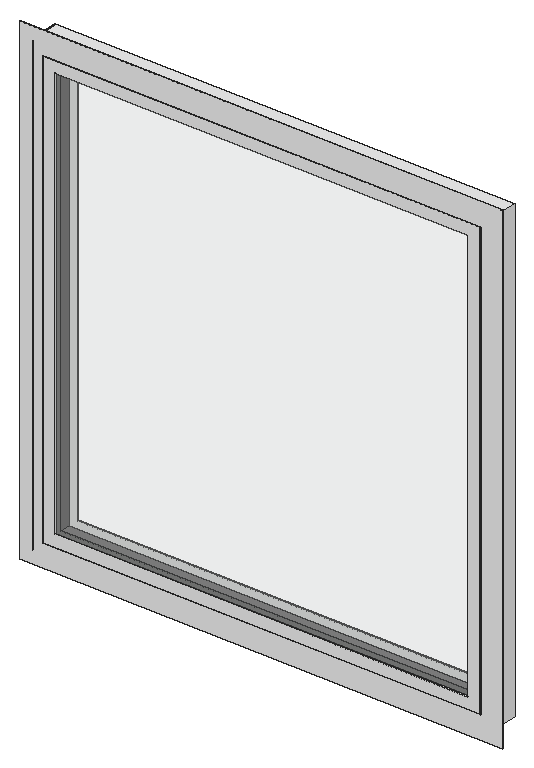
Revit family "Casement_36_C_Side_Hung_Standard", category Windows, host Wall, Revit 2014
Parameters (values of type "Casement_Sash_DG")
  Width Sash [instance] = 30 mm
  Width Sash Inner = 15 mm
  Width Bead = 15 mm
  Top Hung [instance] = yes
  Side Hung Right [instance] = yes
  Side Hung Left [instance] = yes
  Sash Opening Width [instance] = 600 mm
  Sash Opening Height [instance] = 600.312 mm
  Sash Lip = 15 mm
  Glazing Material [instance] = Glass
  DG Start Piece 2 [instance] = DG End Piece 1 + DG Gasket Thickness  # 25 mm
  DG Start Peice 1 [instance] = (Depth Sash - (2 * DG Glazing Thickness) - DG Gasket Thickness) / 2  # 6.6 mm
  Glazing Offset = 5 mm
  DG Glazing Thickness [instance] = 6.4 mm
  DG Gasket Thickness = 12 mm  # constant formula
  DG Gasket Material [instance] = Double Glazing Gasket Material
  DG End Piece 2 [instance] = DG Start Piece 2 + DG Glazing Thickness  # 31.4 mm
  DG End Piece 1 [instance] = DG Start Peice 1 + DG Glazing Thickness  # 13 mm
  Depth Sash [instance] = 38 mm
  Center Vertical Sash [instance] = Sash Opening Height / 2  # 300.156 mm
  Center Horizontal Sash [instance] = Sash Opening Width / 2  # 300 mm
  Bottom Hung [instance] = yes
  Bead Offset = 15 mm
  Aluminium Thickness = 1 mm
  Aluminium Material [instance] = White Powder Coated Aluminium
Reference planes
  plane 1 "Center (Front/Back)": y = 0
  plane 2: z = 0
  plane 3 "Center (Left/Right)": x = 0
Forms (mm)
  Sweep 1, solid, material "White Powder Coated Aluminium" <- "Aluminium Material"
    path origin (16.177, 0, 121.331) x (1, 0, 0) y (0, 0, 1)
      loop
        line (0, 0) -> (600, 0) -> (600, 600.312) -> (0, 600.312) -> (0, 0)
    profile origin (316.177, 0, 121.331) x (0, 0, 1) y (0, -1, 0)
      loop
        line (0, 0) -> (30, 0) -> (30, 1) -> (15, 1) -> (15, 38) -> (-15, 38) -> (-15, 37) -> (0, 37) -> (0, 0)
      loop
        line (14, 1) -> (14, 37) -> (1, 37) -> (1, 1) -> (14, 1)
  Sweep 2, solid, material "White Powder Coated Aluminium" <- "Aluminium Material"
    path origin (0, 0, 0) x (1, 0, 0) y (0, 0, 1)
      loop
        line (31.177, 706.643) -> (31.177, 136.331) -> (601.177, 136.331) -> (601.177, 706.643) -> (31.177, 706.643)
    profile origin (316.177, 0, 706.643) x (0, 0, 1) y (0, -1, 0)
      loop
        line (0, 37) -> (0, 38) -> (-15, 38) -> (-15, 37) -> (0, 37)
  Extrusion 3, solid, material "Glass" <- "Glazing Material"
    sketch origin (0, 0, 0) x (1, 0, 0) y (0, 0, 1)
      loop
        line (36.177, 701.643) -> (36.177, 141.331) -> (596.177, 141.331) -> (596.177, 701.643) -> (36.177, 701.643)
    from 6.6 <- "DG Start Peice 1" to 13 <- "DG End Piece 1"
  Extrusion 4, solid, material "Glass" <- "Glazing Material"
    sketch origin (0, 0, 0) x (1, 0, 0) y (0, 0, 1)
      loop
        line (36.177, 701.643) -> (36.177, 141.331) -> (596.177, 141.331) -> (596.177, 701.643) -> (36.177, 701.643)
    from 31.4 <- "DG End Piece 2" to 25 <- "DG Start Piece 2"
  Sweep 5, solid, material "Double Glazing Gasket Material" <- "DG Gasket Material"
    path origin (0, -13, 0) x (1, 0, 0) y (0, 0, 1)
      loop
        line (36.177, 701.643) -> (36.177, 141.331) -> (596.177, 141.331) -> (596.177, 701.643) -> (36.177, 701.643)
    profile origin (316.177, -13, 701.643) x (0, 0, 1) y (0, -1, 0)
      loop
        line (0, 0) -> (0, 12) -> (-7.96, 12) -> (-7.96, 0) -> (0, 0)
Lines and regions (mm)
  model lines
    curve 1: line (1.177, -38, 736.643) -> (31.177, -38, 706.643)
    curve 2: line (601.177, -38, 706.643) -> (631.177, -38, 736.643)
    curve 3: line (601.177, -38, 136.331) -> (631.177, -38, 106.331)
    curve 4: line (1.177, -38, 106.331) -> (31.177, -38, 136.331)
    curve 5: line (631.177, -37, 736.643) -> (616.177, -37, 721.643)
    curve 6: line (1.177, -37, 736.643) -> (16.177, -37, 721.643)
    curve 7: line (1.177, -37, 106.331) -> (16.177, -37, 121.331)
    curve 8: line (631.177, -37, 106.331) -> (616.177, -37, 121.331)
    curve 9: line (616.177, 0, 121.331) -> (586.177, 0, 151.331)
    curve 10: line (46.177, 0, 151.331) -> (16.177, 0, 121.331)
    curve 11: line (616.177, 0, 721.643) -> (586.177, 0, 691.643)
    curve 12: line (46.177, 0, 691.643) -> (16.177, 0, 721.643)
    curve 13: line (31.177, -38, 691.643) -> (46.177, -38, 691.643)
    curve 14: line (586.177, -38, 691.643) -> (601.177, -38, 691.643)
    curve 15: line (586.177, -38, 151.331) -> (601.177, -38, 151.331)
    curve 16: line (31.177, -38, 151.331) -> (46.177, -38, 151.331)
  model lines, style "GenericModelHiddenLines", visible <- "Top Hung"
    curve 17: line (46.386, -31.4, 690.914) -> (316.177, -31.4, 151.331)
    curve 18: line (316.177, -31.4, 151.331) -> (586.177, -31.4, 691.331)
  model lines, style "GenericModelHiddenLines", visible <- "Bottom Hung"
    curve 19: line (46.177, -31.4, 151.331) -> (316.177, -31.4, 691.331)
    curve 20: line (316.177, -31.4, 691.331) -> (586.177, -31.4, 151.331)
  model lines, style "GenericModelHiddenLines", visible <- "Side Hung Left"
    curve 21: line (46.386, -31.4, 690.914) -> (585.24, -31.4, 421.487)
    curve 22: line (585.24, -31.4, 421.487) -> (46.177, -31.4, 151.331)
  model lines, style "GenericModelHiddenLines", visible <- "Side Hung Right"
    curve 23: line (586.177, -31.4, 691.331) -> (46.177, -31.4, 421.487)
    curve 24: line (46.177, -31.4, 421.487) -> (586.177, -31.4, 151.331)
Dimensions and locks
  "Aluminium Thickness": Sweep 1 sketch curve to Sweep 1 sketch curve  (x4)
  "Depth Sash": Sweep 1 sketch curve to Sweep 1 sketch curve
  "Sash Opening Width": Sweep 1 to Sweep 1
  "Sash Opening Height": Sweep 1 to Sweep 1
  "Width Sash": Sweep 1 sketch curve to Sweep 1 sketch curve  (x2)
  "Width Sash Inner": Sweep 1 sketch curve to Sweep 1 sketch curve
  "Sash Lip": Sweep 1 sketch curve to Sweep 1 sketch curve
  "Aluminium Thickness": Sweep 1 to Sweep 2 sketch curve
  "Glazing Offset": Sweep 2 to Extrusion 3 sketch curve  (x3)
  "Glazing Offset": Extrusion 3 sketch curve to Sweep 2
  Sweep 1 to Sweep 1 = 1 mm
  "Aluminium Thickness": Sweep 2 sketch curve to Sweep 2 sketch curve
  "Width Bead": Sweep 2 sketch curve to Sweep 2 sketch curve
  locked: Sweep 5 sketch curve to Sweep 5 sketch curve at 7.96
  "Center Horizontal Sash": Sweep 1 to curve 18
  "Center Horizontal Sash": Sweep 1 to curve 20
  "Center Vertical Sash": Sweep 1 to curve 22
  "Center Vertical Sash": Sweep 1 to curve 24
  aligned and locked: level to plane 2
  aligned and locked: Sweep 1 sketch curve to Sweep 1 sketch curve  (x2)
  aligned and locked: Sweep 2 sketch curve to Sweep 1  (x5)
  aligned and locked: Extrusion 4 sketch curve to Extrusion 3  (x4)
  aligned and locked: Sweep 5 sketch curve to Extrusion 3  (x5)
  aligned and locked: Extrusion 3 to Sweep 5 sketch curve
Automatic sketch dimensions
  plane 3 "Center (Left/Right)" to Sweep 1 sketch curve = 16.177 mm
  level to Sweep 1 sketch curve = 121.331 mm
  plane 3 "Center (Left/Right)" to Sweep 1 sketch curve = 616.177 mm
  level to Sweep 1 sketch curve = 721.643 mm
  profile plane to Sweep 5 sketch curve = 12 mm
  curve 7 to Sweep 1 = 0 mm  (x4)
  curve 6 to Sweep 1 = 0 mm  (x3)
  Sweep 1 to curve 6 = 0 mm
  curve 5 to Sweep 1 = 0 mm  (x3)
  curve 8 to Sweep 1 = 0 mm  (x4)
  Sweep 1 to curve 5 = 0 mm
  curve 16 to Sweep 2 = 0 mm  (x3)
  curve 13 to Sweep 2 = 0 mm  (x3)
  curve 15 to Sweep 2 = 0 mm
  Sweep 2 to curve 15 = 0 mm  (x2)
  curve 14 to Sweep 2 = 0 mm  (x2)
  Sweep 2 to curve 14 = 0 mm
  curve 1 to Sweep 1 = 0 mm  (x4)
  curve 4 to Sweep 1 = 0 mm  (x3)
  Sweep 1 to curve 4 = 0 mm
  curve 3 to Sweep 1 = 0 mm  (x3)
  curve 2 to Sweep 1 = 0 mm  (x4)
  Sweep 1 to curve 3 = 0 mm
  curve 10 to Sweep 1 = 0 mm  (x4)
  curve 12 to Sweep 1 = 0 mm  (x3)
  Sweep 1 to curve 12 = 0 mm
  curve 9 to Sweep 1 = 0 mm  (x4)
  curve 11 to Sweep 1 = 0 mm  (x3)
  Sweep 1 to curve 11 = 0 mm
  Sweep 1 sketch curve to plane 1 "Center (Front/Back)" = 0 mm
  profile plane to Sweep 1 sketch curve = 0 mm
  curve 21 to Extrusion 4 = 10.208 mm
  curve 19 to Extrusion 4 = 10 mm
  curve 23 to Extrusion 4 = 10 mm  (x2)
  curve 22 to Extrusion 4 = 10.937 mm
  curve 20 to Extrusion 4 = 10 mm
  curve 24 to Extrusion 4 = 10 mm
  curve 22 to Extrusion 4 = 10 mm
  curve 18 to Extrusion 4 = 10 mm
  curve 21 to Extrusion 4 = 10.729 mm
  curve 19 to Extrusion 4 = 10.312 mm
  curve 18 to Extrusion 4 = 10.312 mm
Types in the file's own list only (12): name | Windload Design | Width Sash Right Opening | Width Sash Right | Width Sash Left Opening | Width Sash Left | Width Profile | Width Fixed Panel Center | Width | URL | Offset Window Exterior | Offset Mullion Right Side | Max System DG Unit Thickness | Max System DG One Piece Thickness | Max Pane Area | Intruderprufe U Value | Intruderprufe SHGC Value | Intruderprufe LowE U Value | Intruderprufe LowE SHGC Value | Intruderprufe Insulated U Value | Intruderprufe Insulated SHGC Value | Intruderprufe Insulated LowE U Value | Intruderprufe Insulated LowE SHGC Value | Height Sash Opening | Height | Energy Advantage U Value | Energy Advantage SHGC Value | DG Thickness Calc | Custom Window Width | Custom Window Height | Window Exterior Offset | Custom Windload | Custom Sash Right Width | Custom Sash Left Width | Sash Height | Side Hung Right | Sash Spacing Inner | Sash Overlap | Sash Center Offset | SG Gasket Thickness | Offset Sash Side | Offset Sash Top | Offset Fixed Panel Left | Offset Mullion Left Side | Offset Bead Center Reversed | Model | Manufacturer | Limit Window Width Min | Limit Window Width Max | Limit Window Height Min | Limit Window Height Max | Limit Sash Width Min | Limit Sash Width Max | Limit Sash Height Min | Limit Sash Height Max | Limit Fixed Pane Width Min | Limit Fixed Pane Width Max | Length Mullion | Height Sash | Height Fixed Panel Center | Description | Depth Mullion | Frame Center Offset | Depth Bead | Default Sill Height | Wall Closure | DG Gasket Finish | DG Extrusion Start | Mullion Depth Windload Based | Clearvue SHGC Value | Clearvue Insulated U Value | Clearvue Insulated SHGC Value | Clearvue Insulated LowE U Value | Clearvue Insulated LowE SHGC Value | Casement Dimension | Bead SG Gap | Area Pane Right | Area Pane Middle | Area Pane Left
  36-1809SS-1000Pa | 1000 mm | 524 mm | 554 mm | 524 mm | 554 mm | 30 mm | 590 mm | 1790 mm | "http://www.crealco.co.za/crealco-products.php" | 18 mm | 570 mm | 25 mm | 6 mm | 0.48 m² | 6.05 | 0.574 | 4.64 | 0.508 | 3.98 | 0.486 | 3.5 | 0.446 | 844 mm | 890 mm | 4.75 | 0.54 | 4 mm | 1790 mm | 890 mm | 0 mm | 1000 mm | 554 mm | 554 mm | 845 mm | No | 8 mm | 7 mm | 15 mm | 6 mm | 23 mm | 23 mm | 600 mm | 570 mm | 18 mm | "Casement 36" | "Crealco" | 1400 mm | 2700 mm | 346 mm | 1346 mm | 300 mm | 600 mm | 300 mm | 1300 mm | 200 mm | 1500 mm | 890 mm | 814 mm | 830 mm | "Window 36mm, Type C side hung" | 37 mm | 18 mm | 22 mm | 800 mm | By host | Double Glazing Gasket Material | 8 mm | 37 mm | 0.603 | 4.09 | 0.532 | 3.57 | 0.485 | 36 mm | 13 mm | 0.35 m² | 0.48 m² | 0.35 m²
  36-2409SS-1000Pa | 1000 mm | 524 mm | 554 mm | 524 mm | 554 mm | 30 mm | 1190 mm | 2390 mm | "http://www.crealco.co.za/crealco-products.php" | 18 mm | 570 mm | 25 mm | 6 mm | 0.97 m² | 6 | 0.61 | 4.47 | 0.539 | 3.78 | 0.518 | 3.24 | 0.473 | 844 mm | 890 mm | 4.58 | 0.574 | 4 mm | 2390 mm | 890 mm | 0 mm | 1000 mm | 554 mm | 554 mm | 845 mm | No | 8 mm | 7 mm | 15 mm | 6 mm | 23 mm | 23 mm | 600 mm | 570 mm | 18 mm | "Casement 36" | "Crealco" | 1400 mm | 2700 mm | 346 mm | 1346 mm | 300 mm | 600 mm | 300 mm | 1300 mm | 200 mm | 1500 mm | 890 mm | 814 mm | 830 mm | "Window 36mm, Type C side hung" | 37 mm | 18 mm | 22 mm | 800 mm | By host | Double Glazing Gasket Material | 8 mm | 37 mm | 0.642 | 3.87 | 0.565 | 3.31 | 0.515 | 36 mm | 13 mm | 0.35 m² | 0.97 m² | 0.35 m²
  36-1812SS-1000Pa | 1000 mm | 524 mm | 554 mm | 524 mm | 554 mm | 30 mm | 590 mm | 1790 mm | "http://www.crealco.co.za/crealco-products.php" | 18 mm | 570 mm | 25 mm | 6 mm | 0.65 m² | 6.02 | 0.597 | 4.54 | 0.572 | 3.86 | 0.506 | 3.35 | 0.463 | 1144 mm | 1190 mm | 4.65 | 0.562 | 4 mm | 1790 mm | 1190 mm | 0 mm | 1000 mm | 554 mm | 554 mm | 1145 mm | No | 8 mm | 7 mm | 15 mm | 6 mm | 23 mm | 23 mm | 600 mm | 570 mm | 18 mm | "Casement 36" | "Crealco" | 1400 mm | 2700 mm | 346 mm | 1346 mm | 300 mm | 600 mm | 300 mm | 1300 mm | 200 mm | 1500 mm | 1190 mm | 1114 mm | 1130 mm | "Window 36mm, Type C side hung" | 37 mm | 18 mm | 22 mm | 800 mm | By host | Double Glazing Gasket Material | 8 mm | 37 mm | 0.628 | 3.96 | 0.554 | 3.42 | 0.504 | 36 mm | 13 mm | 0.49 m² | 0.65 m² | 0.49 m²
  36-2412SS-1000Pa | 1000 mm | 524 mm | 554 mm | 524 mm | 554 mm | 30 mm | 1190 mm | 2390 mm | "http://www.crealco.co.za/crealco-products.php" | 18 mm | 570 mm | 25 mm | 6 mm | 1.32 m² | 5.97 | 0.633 | 4.38 | 0.558 | 3.66 | 0.538 | 3.1 | 0.49 | 1144 mm | 1190 mm | 4.48 | 0.596 | 4 mm | 2390 mm | 1190 mm | 0 mm | 1000 mm | 554 mm | 554 mm | 1145 mm | No | 8 mm | 7 mm | 15 mm | 6 mm | 23 mm | 23 mm | 600 mm | 570 mm | 18 mm | "Casement 36" | "Crealco" | 1400 mm | 2700 mm | 346 mm | 1346 mm | 300 mm | 600 mm | 300 mm | 1300 mm | 200 mm | 1500 mm | 1190 mm | 1114 mm | 1130 mm | "Window 36mm, Type C side hung" | 37 mm | 18 mm | 22 mm | 800 mm | By host | Double Glazing Gasket Material | 8 mm | 37 mm | 0.666 | 3.75 | 0.587 | 3.16 | 0.534 | 36 mm | 13 mm | 0.49 m² | 1.32 m² | 0.49 m²
  36-1809SS-1500Pa | 1500 mm | 524 mm | 554 mm | 524 mm | 554 mm | 30 mm | 590 mm | 1790 mm | "http://www.crealco.co.za/crealco-products.php" | 18 mm | 570 mm | 25 mm | 6 mm | 0.48 m² | 6.05 | 0.574 | 4.64 | 0.508 | 3.98 | 0.486 | 3.5 | 0.446 | 844 mm | 890 mm | 4.75 | 0.54 | 4 mm | 1790 mm | 890 mm | 0 mm | 1500 mm | 554 mm | 554 mm | 845 mm | No | 8 mm | 7 mm | 15 mm | 6 mm | 23 mm | 23 mm | 600 mm | 570 mm | 18 mm | "Casement 36" | "Crealco" | 1400 mm | 2700 mm | 346 mm | 1346 mm | 300 mm | 600 mm | 300 mm | 1300 mm | 200 mm | 1500 mm | 890 mm | 814 mm | 830 mm | "Window 36mm, Type C side hung" | 37 mm | 18 mm | 22 mm | 800 mm | By host | Double Glazing Gasket Material | 8 mm | 37 mm | 0.603 | 4.09 | 0.532 | 3.57 | 0.485 | 36 mm | 13 mm | 0.35 m² | 0.48 m² | 0.35 m²
  36-1809SS-2000Pa | 2000 mm | 524 mm | 554 mm | 524 mm | 554 mm | 30 mm | 590 mm | 1790 mm | "http://www.crealco.co.za/crealco-products.php" | 18 mm | 570 mm | 25 mm | 6 mm | 0.48 m² | 6.05 | 0.574 | 4.64 | 0.508 | 3.98 | 0.486 | 3.5 | 0.446 | 844 mm | 890 mm | 4.75 | 0.54 | 4 mm | 1790 mm | 890 mm | 0 mm | 2000 mm | 554 mm | 554 mm | 845 mm | No | 8 mm | 7 mm | 15 mm | 6 mm | 23 mm | 23 mm | 600 mm | 570 mm | 18 mm | "Casement 36" | "Crealco" | 1400 mm | 2700 mm | 346 mm | 1346 mm | 300 mm | 600 mm | 300 mm | 1300 mm | 200 mm | 1500 mm | 890 mm | 814 mm | 830 mm | "Window 36mm, Type C side hung" | 37 mm | 18 mm | 22 mm | 800 mm | By host | Double Glazing Gasket Material | 8 mm | 37 mm | 0.603 | 4.09 | 0.532 | 3.57 | 0.485 | 36 mm | 13 mm | 0.35 m² | 0.48 m² | 0.35 m²
  36-2409SS-1500Pa | 1500 mm | 524 mm | 554 mm | 524 mm | 554 mm | 30 mm | 1190 mm | 2390 mm | "http://www.crealco.co.za/crealco-products.php" | 18 mm | 570 mm | 25 mm | 6 mm | 0.97 m² | 6 | 0.61 | 4.47 | 0.539 | 3.78 | 0.518 | 3.24 | 0.473 | 844 mm | 890 mm | 4.58 | 0.574 | 4 mm | 2390 mm | 890 mm | 0 mm | 1500 mm | 554 mm | 554 mm | 845 mm | No | 8 mm | 7 mm | 15 mm | 6 mm | 23 mm | 23 mm | 600 mm | 570 mm | 18 mm | "Casement 36" | "Crealco" | 1400 mm | 2700 mm | 346 mm | 1346 mm | 300 mm | 600 mm | 300 mm | 1300 mm | 200 mm | 1500 mm | 890 mm | 814 mm | 830 mm | "Window 36mm, Type C side hung" | 37 mm | 18 mm | 22 mm | 800 mm | By host | Double Glazing Gasket Material | 8 mm | 37 mm | 0.642 | 3.87 | 0.565 | 3.31 | 0.515 | 36 mm | 13 mm | 0.35 m² | 0.97 m² | 0.35 m²
  36-2409SS-2000Pa | 2000 mm | 524 mm | 554 mm | 524 mm | 554 mm | 30 mm | 1190 mm | 2390 mm | "http://www.crealco.co.za/crealco-products.php" | 18 mm | 570 mm | 25 mm | 6 mm | 0.97 m² | 6 | 0.61 | 4.47 | 0.539 | 3.78 | 0.518 | 3.24 | 0.473 | 844 mm | 890 mm | 4.58 | 0.574 | 4 mm | 2390 mm | 890 mm | 0 mm | 2000 mm | 554 mm | 554 mm | 845 mm | No | 8 mm | 7 mm | 15 mm | 6 mm | 23 mm | 23 mm | 600 mm | 570 mm | 18 mm | "Casement 36" | "Crealco" | 1400 mm | 2700 mm | 346 mm | 1346 mm | 300 mm | 600 mm | 300 mm | 1300 mm | 200 mm | 1500 mm | 890 mm | 814 mm | 830 mm | "Window 36mm, Type C side hung" | 37 mm | 18 mm | 22 mm | 800 mm | By host | Double Glazing Gasket Material | 8 mm | 37 mm | 0.642 | 3.87 | 0.565 | 3.31 | 0.515 | 36 mm | 13 mm | 0.35 m² | 0.97 m² | 0.35 m²
  36-1812SS-1500Pa | 1500 mm | 524 mm | 554 mm | 524 mm | 554 mm | 30 mm | 590 mm | 1790 mm | "http://www.crealco.co.za/crealco-products.php" | 18 mm | 570 mm | 25 mm | 6 mm | 0.65 m² | 6.02 | 0.597 | 4.54 | 0.572 | 3.86 | 0.506 | 3.35 | 0.463 | 1144 mm | 1190 mm | 4.65 | 0.562 | 4 mm | 1790 mm | 1190 mm | 0 mm | 1500 mm | 554 mm | 554 mm | 1145 mm | No | 8 mm | 7 mm | 15 mm | 6 mm | 23 mm | 23 mm | 600 mm | 570 mm | 18 mm | "Casement 36" | "Crealco" | 1400 mm | 2700 mm | 346 mm | 1346 mm | 300 mm | 600 mm | 300 mm | 1300 mm | 200 mm | 1500 mm | 1190 mm | 1114 mm | 1130 mm | "Window 36mm, Type C side hung" | 37 mm | 18 mm | 22 mm | 800 mm | By host | Double Glazing Gasket Material | 8 mm | 37 mm | 0.628 | 3.96 | 0.554 | 3.42 | 0.504 | 36 mm | 13 mm | 0.49 m² | 0.65 m² | 0.49 m²
  36-1812SS-2000Pa | 2000 mm | 524 mm | 554 mm | 524 mm | 554 mm | 30 mm | 590 mm | 1790 mm | "http://www.crealco.co.za/crealco-products.php" | 18 mm | 570 mm | 25 mm | 6 mm | 0.65 m² | 6.08 | 0.596 | 4.62 | 0.524 | 3.95 | 0.506 | 3.44 | 0.464 | 1144 mm | 1190 mm | 4.72 | 0.561 | 4 mm | 1790 mm | 1190 mm | 0 mm | 2000 mm | 554 mm | 554 mm | 1145 mm | No | 8 mm | 7 mm | 15 mm | 6 mm | 23 mm | 23 mm | 600 mm | 570 mm | 18 mm | "Casement 36" | "Crealco" | 1400 mm | 2700 mm | 346 mm | 1346 mm | 300 mm | 600 mm | 300 mm | 1300 mm | 200 mm | 1500 mm | 1190 mm | 1114 mm | 1130 mm | "Window 36mm, Type C side hung" | 37 mm | 18 mm | 22 mm | 800 mm | By host | Double Glazing Gasket Material | 8 mm | 54 mm | 0.626 | 4.05 | 0.551 | 3.51 | 0.501 | 36 mm | 13 mm | 0.49 m² | 0.65 m² | 0.49 m²
  36-2412SS-1500Pa | 1500 mm | 524 mm | 554 mm | 524 mm | 554 mm | 30 mm | 1190 mm | 2390 mm | "http://www.crealco.co.za/crealco-products.php" | 18 mm | 570 mm | 25 mm | 6 mm | 1.32 m² | 6.02 | 0.632 | 4.44 | 0.556 | 3.72 | 0.538 | 3.17 | 0.491 | 1144 mm | 1190 mm | 4.54 | 0.595 | 4 mm | 2390 mm | 1190 mm | 0 mm | 1500 mm | 554 mm | 554 mm | 1145 mm | No | 8 mm | 7 mm | 15 mm | 6 mm | 23 mm | 23 mm | 600 mm | 570 mm | 18 mm | "Casement 36" | "Crealco" | 1400 mm | 2700 mm | 346 mm | 1346 mm | 300 mm | 600 mm | 300 mm | 1300 mm | 200 mm | 1500 mm | 1190 mm | 1114 mm | 1130 mm | "Window 36mm, Type C side hung" | 37 mm | 18 mm | 22 mm | 800 mm | By host | Double Glazing Gasket Material | 8 mm | 54 mm | 0.665 | 3.81 | 0.585 | 3.23 | 0.532 | 36 mm | 13 mm | 0.49 m² | 1.32 m² | 0.49 m²
  36-2412SS-2000Pa | 2000 mm | 524 mm | 554 mm | 524 mm | 554 mm | 30 mm | 1190 mm | 2390 mm | "http://www.crealco.co.za/crealco-products.php" | 18 mm | 570 mm | 25 mm | 6 mm | 1.32 m² | 6.02 | 0.632 | 4.44 | 0.556 | 3.72 | 0.538 | 3.17 | 0.491 | 1144 mm | 1190 mm | 4.54 | 0.595 | 4 mm | 2390 mm | 1190 mm | 0 mm | 2000 mm | 554 mm | 554 mm | 1145 mm | No | 8 mm | 7 mm | 15 mm | 6 mm | 23 mm | 23 mm | 600 mm | 570 mm | 18 mm | "Casement 36" | "Crealco" | 1400 mm | 2700 mm | 346 mm | 1346 mm | 300 mm | 600 mm | 300 mm | 1300 mm | 200 mm | 1500 mm | 1190 mm | 1114 mm | 1130 mm | "Window 36mm, Type C side hung" | 37 mm | 18 mm | 22 mm | 800 mm | By host | Double Glazing Gasket Material | 8 mm | 54 mm | 0.665 | 3.81 | 0.585 | 3.23 | 0.532 | 36 mm | 13 mm | 0.49 m² | 1.32 m² | 0.49 m²
